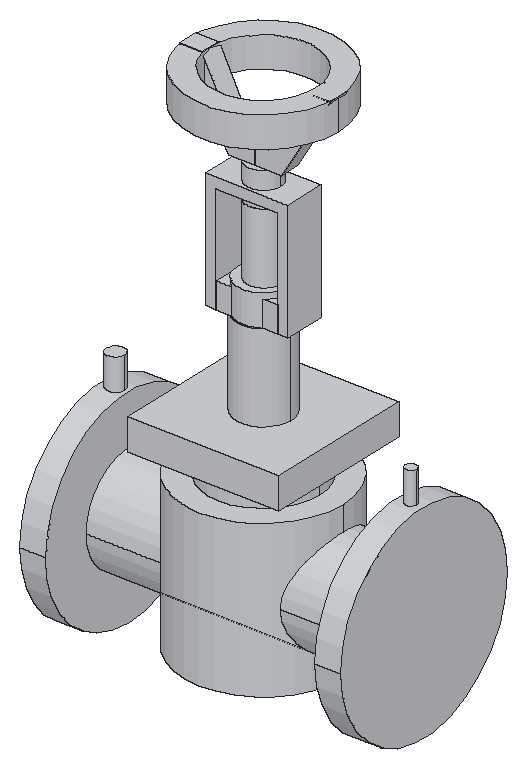
Revit family "Sigma_Compact_DN080-HF_PN16_RFA_2019", category Pipe Accessories, Revit 2019
Family settings
  Round Connector Dimension = Use Diameter
  Part Type = Valve - Breaks Into
  Work Plane-Based = No
  Always vertical = Yes
  Cut with Voids When Loaded = No
  Shared = No
Parameters (values of type "Sigma Compact DN 080 HF PN16")
  magiProductId = "30d16928369c437789493110503824"
  magiProductFamilyId = "01495da7eb234de3883c6bc9c8853e"
  magiPartTypeId = 304
  isMeasuringValve [instance] = no
  ang2D [instance] = 0.00°
  W2D = 50 mm
  VersionID = "2.0/2018.12.13.2/FRESE_SIGMA_C_BIG_Q13_001"
  Use Minimum Symbol Size [instance] = no
  URL = "www.hydronix.cz"
  Type Comments = "přírubový; PN16; max dp=800kPa; 0~+120°C; max uzavírací tlak 1MPa"
  R4 = 54.25 mm
  R3 = 52 mm
  R1 = 77.5 mm
  QmdConnectorList = "301;D;302;D"
  Productdata [instance] = ""
  Manufacturer = "Hydronix"
  Maintenance Zone Under Depth [instance] = 100 mm
  Maintenance Zone Right Depth [instance] = 100 mm
  Maintenance Zone Over Depth [instance] = 100 mm
  Maintenance Zone Left Depth [instance] = 100 mm
  Maintenance Zone Front Depth [instance] = 100 mm
  Maintenance Zone Back Depth [instance] = 100 mm
  Maintenance Zone Front Visibility [instance] = no
  MC Use Limits From Balancing Method = no
  MC Throttling Minimum Value = 0
  MC Throttling Maximum Value = 0
  MC Product Code = "53-2412 DN80; PN16; (7020-43000 l/h); kvs=61"
  MC Pressure Drop Minimum Value = 0.0 Pa
  MC Pressure Drop Maximum Value = 0.0 Pa
  MC Piping Given Pressure Drop [instance] = 0.0 Pa
  LF__ve = -LF  # -24.8 mm
  LF2 = 12.4 mm
  LF = 24.8 mm
  L432 = 25.497 mm
  L43 = 50.995 mm
  L42 = 72.85 mm
  L4 = 145.7 mm
  L3 = 260.4 mm
  L2D_Min = 30.48 mm
  L2D = 230 mm
  L2 = 155 mm
  HH12 = 16.5 mm
  HH1 = 33 mm
  HDF__ve = -HDF  # -213 mm
  HDF = 213 mm
  H6 = 85 mm
  H4 = 30 mm
  H3 = 25 mm
  H2 = 75 mm
  H11 = 150 mm
  H1 = 526 mm
  H = 413 mm
  Description = "Automatický vyvažovací ventil"
  DF2 = 100 mm
  D = 80 mm
  Clearance Zone Height Depth [instance] = 100 mm
  Clearance Zone Circular Radius [instance] = 155 mm
  Clearance Zone Visibility [instance] = no
  CAT0 = yes
Types (9, lengths in mm): name | magiProductId | Type Comments | R4 | R3 | R1 | MC Product Code | LF__ve | LF2 | LF | L432 | L43 | L42 | L4 | L3 | L2 | HH12 | HH1 | HDF__ve | HDF | H4 | H3 | H2 | H11 | H1 | H | DF2 | D | Clearance Zone Circular Radius
  Sigma Compact DN 050 HF PN16 | "68e8ec0e285d475ea5c3f8787337ca" | "přírubový; PN16; max dp=800kPa; 0~+120°C; max uzavírací tlak 1MPa" | 40.25 | 42.9 | 57.5 | "53-2410 DN50; PN16; (3920-24000 l/h); kvs=34" | -18.4 | 9.2 | 18.4 | 18.917 | 37.835 | 54.05 | 108.1 | 193.2 | 115 | 16.5 | 33 | -202 | 202 | 24.75 | 20.625 | 61.875 | 123.75 | 480 | 367 | 82.5 | 50 | 115
  Sigma Compact DN 065 HF PN16 | "93d22af618bf47d6be13ef3bd41a97" | "přírubový; PN16; max dp=800kPa; 0~+120°C; max uzavírací tlak 1MPa" | 50.75 | 48.1 | 72.5 | "53-2411 DN65; PN16; (5950-35000 l/h); kvs=47" | -23.2 | 11.6 | 23.2 | 23.853 | 47.705 | 68.15 | 136.3 | 243.6 | 145 | 16.5 | 33 | -199 | 199 | 27.75 | 23.125 | 69.375 | 138.75 | 497 | 384 | 92.5 | 65 | 145
  Sigma Compact DN 080 HF PN16 | "30d16928369c437789493110503824" | "přírubový; PN16; max dp=800kPa; 0~+120°C; max uzavírací tlak 1MPa" | 54.25 | 52 | 77.5 | "53-2412 DN80; PN16; (7020-43000 l/h); kvs=61" | -24.8 | 12.4 | 24.8 | 25.497 | 50.995 | 72.85 | 145.7 | 260.4 | 155 | 16.5 | 33 | -213 | 213 | 30 | 25 | 75 | 150 | 526 | 413 | 100 | 80 | 155
  Sigma Compact DN 100 HF PN16 | "cbc2fc0a341c4a2b87b0bcbf79c376" | "přírubový; PN16; max dp=800kPa; 0~+120°C; max uzavírací tlak 1MPa" | 61.25 | 61.1 | 87.5 | "53-2413 DN100; PN16; (14800-90000 l/h); kvs=104" | -28 | 14 | 28 | 28.788 | 57.575 | 82.25 | 164.5 | 294 | 175 | 34 | 68 | -331 | 331 | 35.25 | 29.375 | 88.125 | 176.25 | 714 | 566 | 117.5 | 100 | 175
  Sigma Compact DN 125 HF PN16 | "02452206f7594718b3d97e4e693144" | "přírubový; PN16; max dp=800kPa; 0~+120°C; max uzavírací tlak 1MPa" | 70 | 70.2 | 100 | "53-2414 DN125; PN16; (23000-135000 l/h); kvs=185" | -32 | 16 | 32 | 32.9 | 65.8 | 94 | 188 | 336 | 200 | 36.5 | 73 | -338 | 338 | 40.5 | 33.75 | 101.25 | 202.5 | 761 | 608 | 135 | 125 | 200
  Sigma Compact DN 150 HF PN16 | "2e5d0064e2dd45fa818d7fb779c9a5" | "přírubový; PN16; max dp=800kPa; 0~+110°C; max uzavírací tlak 1MPa" | 84 | 74.1 | 120 | "53-2415 DN150; PN16; (32000-195000 l/h); kvs=242" | -38.4 | 19.2 | 38.4 | 39.48 | 78.96 | 112.8 | 225.6 | 403.2 | 240 | 13 | 26 | -391 | 391 | 42.75 | 35.625 | 106.875 | 213.75 | 782 | 676 | 142.5 | 150 | 240
  Sigma Compact DN 200 HF PN16 | "9690c155034b41f3a54554dedb5edf" | "přírubový; PN16; max dp=800kPa; 0~+110°C; max uzavírací tlak 1MPa" | 105 | 98.8 | 150 | "53-2416 DN200; PN16; (130000-280000 l/h); kvs=317" | -48 | 24 | 48 | 49.35 | 98.7 | 141 | 282 | 504 | 300 | 29.5 | 59 | -334 | 334 | 57 | 47.5 | 142.5 | 285 | 853 | 714 | 190 | 200 | 300
  Sigma Compact DN 250 HF PN16 | "baee3668eb0d4f168225ec1ed946f7" | "přírubový; PN16; max dp=800kPa; 0~+110°C; max uzavírací tlak 1MPa" | 127.75 | 115.44 | 182.5 | "53-2417 DN250; PN16; (245000-600000 l/h); kvs=717" | -58.4 | 29.2 | 58.4 | 60.042 | 120.085 | 171.55 | 343.1 | 613.2 | 365 | 29 | 58 | -462 | 462 | 66.6 | 55.5 | 166.5 | 333 | 1044 | 906 | 222 | 250 | 365
  Sigma Compact DN 300 HF PN16 | "f903017b03a74a7ebca8b59c0516bf" | "přírubový; PN16; max dp=800kPa; 0~+110°C; max uzavírací tlak 1MPa" | 148.75 | 135.2 | 212.5 | "53-2418 DN300; PN16; (245000-600000 l/h); kvs=717" | -68 | 34 | 68 | 69.912 | 139.825 | 199.75 | 399.5 | 714 | 425 | 29 | 58 | -424 | 424 | 78 | 65 | 195 | 390 | 1082 | 944 | 260 | 300 | 425
Reference planes
  plane 1 "Center (Front/Back)": y = 0
  plane 2 "XYPLANE": z = 0
  plane 3 "Center (Left/Right)": x = 0
  plane 4 "298": y = -200
  plane 5 "297": y = 200
  plane 6 "296": y = -100
  plane 7 "295": y = 100
  plane 8 "294": z = -200
  plane 9 "293": z = 526
  plane 10 "292": x = -255
  plane 11 "291": x = 255
  plane 12 "290": z = 526
  plane 13 "256": y = -20
  plane 14 "254": z = 319.5
  plane 15 "253": z = 329.5
  plane 16 "252": x = -40
  plane 17 "251": x = -30
  plane 18 "250": x = 40
  plane 19 "249": x = 30
  plane 20 "247": z = 215
  plane 21 "244": z = 313
  plane 22 "243": x = 72.85
  plane 23 "242": x = 50.995
  plane 24 "241": x = 25.497
  plane 25 "240": y = -10
  plane 26 "238": x = -25.497
  plane 27 "237": x = -50.995
  plane 28 "236": z = 346
  plane 29 "235": z = 376
  plane 30 "234": x = -72.85
  plane 31 "225": z = 426
  plane 32 "224": z = -100
  plane 33 "157": x = 142.6
  plane 34 "156": x = -142.6
  plane 35 "155": z = 100
  plane 36 "154": z = 130
  plane 37 "153": z = 100
  plane 38 "152": z = 75
  plane 39 "151": x = -130.2
  plane 40 "150": z = -75
  plane 41 "149": x = 0
  plane 42 "148": y = 0
  plane 43 "147": z = 0
  plane 44 "146": x = -155
  plane 45 "145": x = 155
Forms (mm)
  Blend 1, solid, visible <- "Maintenance Zone Front Visibility"
    base sketch origin (-750, 0, 526) x (1, 0, 0) y (0, 1, 0)
      loop
        line (495, 200) -> (495, -200) -> (1005, -200) -> (1005, 200) -> (495, 200)
    top sketch origin (-750, 0, 526) x (1, 0, 0) y (0, 1, 0)
      loop
        line (495, 200) -> (495, -200) -> (1005, -200) -> (1005, 200) -> (495, 200)
    from 0 to -726
  Blend 2, solid, visible <- "Clearance Zone Visibility"
    base sketch origin (-750, 0, 0) x (1, 0, 0) y (0, 1, 0)
      loop
        circle (750, 0) r 155
    top sketch origin (-750, 0, 0) x (1, 0, 0) y (0, 1, 0)
      loop
        circle (750, 0) r 155
    from 0 to 526
  Extrusion 3, solid
    sketch origin (-750, 0, 313) x (1, 0, 0) y (0, 1, 0)
      loop
        circle (750, 0) r 16.58
    from 0 to -213 <- "HDF__ve"
  Extrusion 4, solid
    sketch origin (-750, 0, 215) x (1, 0, 0) y (0, 1, 0)
      loop
        line (780, 20) -> (720, 20) -> (720, -20) -> (780, -20) -> (780, 20)
    from 0 to 25
  Extrusion 5, solid
    sketch origin (750, -20, 0) x (-1, 0, 0) y (0, 0, 1)
      loop
        line (790, 215) -> (790, 329.5) -> (710, 329.5) -> (710, 215) -> (720, 215) -> (720, 319.5) -> (780, 319.5) -> (780, 215) -> (790, 215)
    from 0 to 40
  Extrusion 6, solid
    sketch origin (-750, 0, 215) x (1, 0, 0) y (0, 1, 0)
      loop
        circle (750, 0) r 25
    from 0 to 30
  Extrusion 7, solid
    sketch origin (750, -10, 0) x (-1, 0, 0) y (0, 0, 1)
      loop
        line (800.995, 426) -> (775.497, 376) -> (750, 376) -> (750, 346) -> (775.497, 346) -> (822.85, 426) -> (800.995, 426)
    from 0 to 20
  Extrusion 8, solid
    sketch origin (750, -10, 0) x (-1, 0, 0) y (0, 0, 1)
      loop
        line (699.005, 426) -> (677.15, 426) -> (724.503, 346) -> (750, 346) -> (750, 376) -> (724.503, 376) -> (699.005, 426)
    from 0 to 20
  Extrusion 9, solid
    sketch origin (-750, 0, 313) x (1, 0, 0) y (0, 1, 0)
      loop
        circle (750, 0) r 16.58
    from 0 to 33 <- "HH1"
  Extrusion 10, solid
    sketch origin (-750, 0, 426) x (1, 0, 0) y (0, 1, 0)
      loop
        circle (750, 0) r 72.85
      loop
        circle (750, 0) r 50.995
    from 0 to -30
  Extrusion 11, solid, visible <- "CAT0"
    sketch origin (-750, 0, 100) x (1, 0, 0) y (0, 1, 0)
      loop
        circle (892.6, 0) r 5.5
    from 0 to 30
  Extrusion 12, solid, visible <- "CAT0"
    sketch origin (-750, 0, 100) x (1, 0, 0) y (0, 1, 0)
      loop
        circle (607.4, 0) r 8.7
    from 0 to 30
  Extrusion 13, solid, visible <- "CAT0"
    sketch origin (-750, 0, 130) x (1, 0, 0) y (0, 1, 0)
      loop
        circle (750, 0) r 26.58
    from 0 to 85 <- "H6"
  Extrusion 14, solid, visible <- "CAT0"
    sketch origin (-750, 0, 100) x (1, 0, 0) y (0, 1, 0)
      loop
        line (822.85, 72.85) -> (677.15, 72.85) -> (677.15, -72.85) -> (822.85, -72.85) -> (822.85, 72.85)
    from 0 to 30 <- "H4"
  Extrusion 15, solid, visible <- "CAT0"
    sketch origin (-750, 0, 75) x (1, 0, 0) y (0, 1, 0)
      loop
        circle (750, 0) r 54.25
    from 0 to 25 <- "H3"
  Extrusion 16, solid, visible <- "CAT0"
    sketch origin (-130.2, -750, 0) x (0, 1, 0) y (0, 0, 1)
      loop
        circle (750, 0) r 52
    from 0 to 260.4 <- "L3"
  Extrusion 17, solid, visible <- "CAT0"
    sketch origin (-750, 0, -75) x (1, 0, 0) y (0, 1, 0)
      loop
        circle (750, 0) r 77.5
    from 0 to 150 <- "H11"
  Extrusion 18, solid, visible <- "CAT0"
    sketch origin (-155, -750, 0) x (0, 1, 0) y (0, 0, 1)
      loop
        circle (750, 0) r 100
    from 0 to 24.8 <- "LF"
  Extrusion 19, solid, visible <- "CAT0"
    sketch origin (155, -750, 0) x (0, 1, 0) y (0, 0, 1)
      loop
        circle (750, 0) r 100
    from 0 to -24.8 <- "LF__ve"
  Extrusion 20, solid, not visible
    sketch origin (-155, -750, 0) x (0, 1, 0) y (0, 0, 1)
      loop
        circle (750, 0) r 10
    from 0 to 10
  Extrusion 21, solid, not visible
    sketch origin (155, -750, 0) x (0, 1, 0) y (0, 0, 1)
      loop
        circle (750, 0) r 10
    from 0 to -10
Lines and regions (mm)
  reference lines, not visible
    curve 1: circle (2, 2, 0) r 1 normal (0, 0, 1)
  reference lines
    curve 2: circle (0, 0, 100) r 1 normal (0, 0, 1)
Dimensions and locks
  plane 1 "Center (Front/Back)" to curve 1 = 2 mm
  "Maintenance Zone Front Depth": plane 6 "296" to plane 4 "298"
  "Maintenance Zone Back Depth": plane 7 "295" to plane 5 "297"
  "DF2": plane 42 "148" to plane 6 "296"
  "DF2": plane 42 "148" to plane 7 "295"
  "Maintenance Zone Under Depth": plane 32 "224" to plane 8 "294"
  "Maintenance Zone Over Depth": plane 31 "225" to plane 9 "293"
  "Maintenance Zone Left Depth": plane 44 "146" to plane 10 "292"
  "Maintenance Zone Right Depth": plane 45 "145" to plane 11 "291"
  "Clearance Zone Height Depth": plane 31 "225" to plane 12 "290"
  locked: plane 25 "240" to plane 13 "256" at 10
  locked: plane 15 "253" to plane 14 "254" at 10
  "HH12": plane 21 "244" to plane 15 "253"
  locked: plane 17 "251" to plane 16 "252" at 10
  locked: plane 41 "149" to plane 17 "251" at 30
  locked: plane 19 "249" to plane 18 "250" at 10
  locked: plane 41 "149" to plane 19 "249" at 30
  "H6": plane 36 "154" to plane 20 "247"
  "H": plane 32 "224" to plane 21 "244"
  "L42": plane 41 "149" to plane 22 "243"
  "L43": plane 41 "149" to plane 23 "242"
  "L432": plane 41 "149" to plane 24 "241"
  locked: plane 42 "148" to plane 25 "240" at 10
  "L432": plane 41 "149" to plane 26 "238"
  "L43": plane 41 "149" to plane 27 "237"
  locked: plane 29 "235" to plane 28 "236" at 30
  locked: plane 31 "225" to plane 29 "235" at 50
  "L42": plane 41 "149" to plane 30 "234"
  "H1": plane 32 "224" to plane 31 "225"
  "DF2": plane 2 "XYPLANE" to plane 32 "224"
  "LF2": plane 45 "145" to plane 33 "157"
  "LF2": plane 44 "146" to plane 34 "156"
  "DF2": plane 2 "XYPLANE" to plane 35 "155"
  "H4": plane 37 "153" to plane 36 "154"
  "H3": plane 38 "152" to plane 37 "153"
  "H11": plane 40 "150" to plane 38 "152"
  "LF": plane 44 "146" to plane 39 "151"
  "H2": plane 2 "XYPLANE" to plane 40 "150"
  locked: plane 3 "Center (Left/Right)" to plane 41 "149"
  locked: plane 1 "Center (Front/Back)" to plane 42 "148"
  locked: plane 2 "XYPLANE" to plane 43 "147"
  "L2": plane 3 "Center (Left/Right)" to plane 44 "146"
  "L2": plane 3 "Center (Left/Right)" to plane 45 "145"
  Blend 1 sketch curve to Blend 1 sketch curve = 0 mm  (x16)
  Extrusion 4 sketch curve to Extrusion 4 sketch curve = 0 mm  (x8)
  Extrusion 5 sketch curve to Extrusion 5 sketch curve = 0 mm  (x16)
  Extrusion 7 sketch curve to Extrusion 7 sketch curve = 0 mm  (x12)
  Extrusion 8 sketch curve to Extrusion 8 sketch curve = 0 mm  (x12)
  equal spacing: Extrusion 14 sketch curve, curve 2, Extrusion 14 sketch curve  (x2)
  "L4": Extrusion 14 sketch curve to Extrusion 14 sketch curve  (x2)
  Extrusion 14 sketch curve to Extrusion 14 sketch curve = 0 mm  (x8)
  "Clearance Zone Circular Radius": radius of Blend 2 sketch curve  (x2)
  "L42": radius of Extrusion 10 sketch curve
  "L43": radius of Extrusion 10 sketch curve
  "R4": radius of Extrusion 15 sketch curve
  "R3": radius of Extrusion 16 sketch curve
  "R1": radius of Extrusion 17 sketch curve
  "DF2": radius of Extrusion 18 sketch curve
  "DF2": radius of Extrusion 19 sketch curve
  aligned and locked: level to plane 2 "XYPLANE"
  aligned and locked: Blend 1 sketch curve to plane 5 "297"  (x2)
  aligned and locked: plane 10 "292" to Blend 1 sketch curve  (x4)
  aligned and locked: plane 11 "291" to Blend 1 sketch curve  (x4)
  aligned and locked: plane 5 "297" to Blend 1 sketch curve  (x2)
  aligned and locked: plane 4 "298" to Blend 1 sketch curve  (x4)
  aligned and locked: Blend 1 to plane 8 "294"
  aligned and locked: plane 41 "149" to Blend 2 sketch curve  (x2)
  aligned and locked: plane 42 "148" to Blend 2 sketch curve  (x2)
  aligned and locked: plane 12 "290" to Blend 2
  aligned and locked: plane 41 "149" to Extrusion 3 sketch curve
  aligned and locked: plane 42 "148" to Extrusion 3 sketch curve
  aligned and locked: Extrusion 5 sketch curve to plane 16 "252"
  aligned and locked: plane 20 "247" to Extrusion 5 sketch curve  (x4)
  aligned and locked: plane 15 "253" to Extrusion 5 sketch curve  (x2)
  aligned and locked: plane 16 "252" to Extrusion 5 sketch curve
  aligned and locked: plane 18 "250" to Extrusion 5 sketch curve  (x2)
  aligned and locked: plane 19 "249" to Extrusion 5 sketch curve  (x2)
  aligned and locked: plane 14 "254" to Extrusion 5 sketch curve  (x2)
  aligned and locked: plane 17 "251" to Extrusion 5 sketch curve  (x2)
  aligned and locked: plane 41 "149" to Extrusion 6 sketch curve
  aligned and locked: plane 42 "148" to Extrusion 6 sketch curve
  aligned and locked: plane 27 "237" to Extrusion 7 sketch curve
  aligned and locked: plane 31 "225" to Extrusion 7 sketch curve  (x2)
  aligned and locked: plane 26 "238" to Extrusion 7 sketch curve  (x2)
  aligned and locked: plane 29 "235" to Extrusion 7 sketch curve  (x2)
  aligned and locked: plane 41 "149" to Extrusion 7 sketch curve  (x2)
  aligned and locked: plane 28 "236" to Extrusion 7 sketch curve  (x2)
  aligned and locked: plane 30 "234" to Extrusion 7 sketch curve
  aligned and locked: plane 23 "242" to Extrusion 8 sketch curve
  aligned and locked: plane 31 "225" to Extrusion 8 sketch curve  (x2)
  aligned and locked: plane 24 "241" to Extrusion 8 sketch curve  (x2)
  aligned and locked: plane 29 "235" to Extrusion 8 sketch curve  (x2)
  aligned and locked: plane 41 "149" to Extrusion 8 sketch curve  (x2)
  aligned and locked: plane 28 "236" to Extrusion 8 sketch curve  (x2)
  aligned and locked: plane 22 "243" to Extrusion 8 sketch curve
  aligned and locked: plane 41 "149" to Extrusion 9 sketch curve
  aligned and locked: plane 42 "148" to Extrusion 9 sketch curve
  aligned and locked: plane 41 "149" to Extrusion 10 sketch curve  (x2)
  aligned and locked: plane 42 "148" to Extrusion 10 sketch curve  (x2)
  aligned and locked: plane 33 "157" to Extrusion 11 sketch curve
  aligned and locked: plane 42 "148" to Extrusion 11 sketch curve
  aligned and locked: plane 34 "156" to Extrusion 12 sketch curve
  aligned and locked: plane 42 "148" to Extrusion 12 sketch curve
  aligned and locked: plane 41 "149" to Extrusion 13 sketch curve
  aligned and locked: plane 42 "148" to Extrusion 13 sketch curve
  aligned and locked: plane 41 "149" to curve 2
  aligned and locked: plane 42 "148" to curve 2
  aligned and locked: plane 41 "149" to Extrusion 15 sketch curve
  aligned and locked: plane 42 "148" to Extrusion 15 sketch curve
  aligned and locked: Extrusion 16 sketch curve to plane 42 "148"
  aligned and locked: plane 43 "147" to Extrusion 16 sketch curve
  aligned and locked: plane 41 "149" to Extrusion 17 sketch curve
  aligned and locked: plane 42 "148" to Extrusion 17 sketch curve
  aligned and locked: Extrusion 18 sketch curve to plane 42 "148"
  aligned and locked: plane 43 "147" to Extrusion 18 sketch curve
  aligned and locked: Extrusion 19 sketch curve to plane 42 "148"
  aligned and locked: plane 43 "147" to Extrusion 19 sketch curve
  aligned and locked: Extrusion 20 sketch curve to plane 42 "148"
  aligned and locked: plane 43 "147" to Extrusion 20 sketch curve
  aligned and locked: Extrusion 21 sketch curve to plane 42 "148"
  aligned and locked: plane 43 "147" to Extrusion 21 sketch curve
Automatic sketch dimensions
  plane 26 "238" to Extrusion 3 sketch curve = 8.917 mm
  Extrusion 4 sketch curve to plane 17 "251" = 0 mm
  Extrusion 4 sketch curve to plane 13 "256" = 0 mm
  Extrusion 4 sketch curve to plane 19 "249" = 0 mm
  Extrusion 4 sketch curve to plane 1 "Center (Front/Back)" = 20 mm
  plane 17 "251" to Extrusion 6 sketch curve = 5 mm
  plane 26 "238" to Extrusion 9 sketch curve = 8.917 mm
  Extrusion 11 sketch curve to plane 33 "157" = 5.5 mm
  plane 44 "146" to Extrusion 12 sketch curve = 3.7 mm
  Extrusion 13 sketch curve to plane 26 "238" = 1.083 mm
  Extrusion 20 sketch curve to plane 25 "240" = 0 mm
  Extrusion 21 sketch curve to plane 25 "240" = 0 mm
  plane 3 "Center (Left/Right)" to curve 1 = 2 mm
  Extrusion 14 sketch curve to plane 30 "234" = 0 mm
  plane 6 "296" to Extrusion 14 sketch curve = 27.15 mm
  radius of curve 2 = 1 mm
  radius of curve 1 = 1 mm
Connectors
  piping at (-155, 0, 0), diameter 80, driven by "D"
    settings: on Extrusion 20, index 1, connector inside diameter 609.6 mm, connector length 0 mm, flow factor 0, pipe flow 0.0 L/s, pressure drop 0.0 Pa, fitting loss kfactor 0, connector angle 0.00°, fixture units 0, engagement length 0 mm, angle of deflection 0.00°, flow configuration 0, flow direction 0, fitting loss method 0, system type 29, joint type 0, gender type 0, connector reference index 2, connector utility 0, adjustable connector no, is connector primary yes, connector description ""
  piping at (155, 0, 0), diameter 80, driven by "D"
    settings: on Extrusion 21, index 2, connector inside diameter 609.6 mm, connector length 0 mm, flow factor 0, pipe flow 0.0 L/s, pressure drop 0.0 Pa, fitting loss kfactor 0, connector angle 0.00°, fixture units 0, engagement length 0 mm, angle of deflection 0.00°, flow configuration 0, flow direction 0, fitting loss method 0, system type 29, joint type 0, gender type 0, connector reference index 1, connector utility 0, adjustable connector no, is connector primary no, connector description ""
